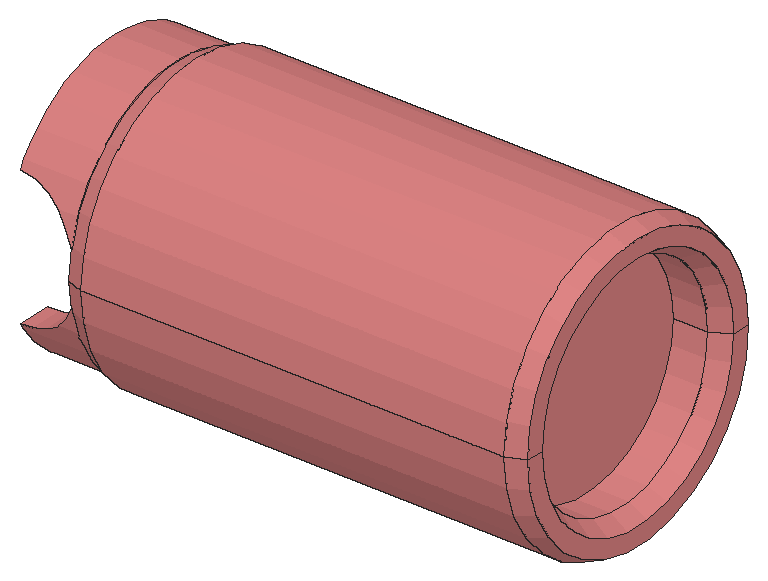
Revit family "spud_threaded_001", category Pipe Fittings, Revit 2024
Family settings
  Round Connector Dimension = Use Diameter
  Part Type = Spud - Adjustable
  Work Plane-Based = No
  Always vertical = Yes
  Cut with Voids When Loaded = No
  Shared = No
Parameters (values of type "Standard")
  xx [instance] = AT2 + 1 mm  # 32.15 mm
  Y1 [instance] = 5 mm  # constant formula
  W3 [instance] = Thickness * 0.2  # 2 mm
  W2 [instance] = Thickness * 0.5  # 5 mm
  W1 [instance] = 0.3 * Thickness  # 3 mm
  Thickness [instance] = 10 mm
  built-in parameter 1114214 [instance] = A * 0.3  # 18.09 mm
  built-in parameter 1114213 [instance] = NominalSizeM * 0.5  # 0.082021 (stored number, unit not read)
  OuterRad1 [instance] = OuterRad * 0.95  # 39.093 mm
  OuterRad [instance] = AT2 + Thickness  # 41.15 mm
  NominalSizeM [instance] = 50 mm
  Material [instance] = Spud_Groved
  MP [instance] = 150 mm  # constant formula
  M [instance] = size_lookup(Lookup Table Name, "ML", 10 mm, NominalSizeM, MP)  # 15 mm
  Lookup Table Name [instance] = "treadSpud"
  Default Elevation = 0 mm
  B [instance] = size_lookup(Lookup Table Name, "B", 10 mm, NominalSizeM, MP)  # 130 mm
  Author = "TrimCAD"  # constant formula
  AT2 [instance] = A * 0.5 + 1 mm  # 31.15 mm
  A [instance] = size_lookup(Lookup Table Name, "A", 10 mm, NominalSizeM, MP)  # 60.3 mm
Types (2): name
  Standard
  spud_threaded_001
Reference planes
  plane 1 "Center (Front/Back)": y = 0
  plane 2: z = 0
  plane 3 "Center (Left/Right)": x = 0
  plane 4: x = 130
  plane 5: x = 115
  plane 6: x = -18.09
  plane 7: y = 41.15
  plane 8: y = 39.15
  plane 9: y = 34.15
  plane 10: y = 31.15
  plane 11: x = 125
  plane 12: x = 5
  plane 13: y = 39.093
  plane 14: y = -1000
Forms (mm)
  Revolve 1, solid, material "Spud_Groved" <- "Material", detail levels medium+fine
    sketch origin (0, 0, 0) x (1, 0, 0) y (0, 1, 0)
      loop
        line (0, 31.15) -> (125, 31.15) -> (130, 34.15) -> (130, 39.15) -> (125, 41.15) -> (5, 41.15) -> (0, 39.15) -> (0, 34.15) -> (0, 31.15)
      axis (0, 0) -> (130, 0)
    angle from 0 to 360
  Extrusion 2, solid, material "Spud_Groved" <- "Material", detail levels medium+fine
    sketch origin (0, 0, 0) x (0, 1, 0) y (0, 0, 1)
      loop
        circle (0, 0) r 31.15
    from 0 to 115
  Sweep 3, solid, material "Spud_Groved" <- "Material", detail levels medium+fine
    path origin (0, 0, 0) x (1, 0, 0) y (0, 1, 0)
      loop
        line (0, 0) -> (-18.09, 0)
    profile origin (-9.045, 0, 0) x (0, -1, 0) y (0, 0, 1)
      loop
        circle (0, 0) r 39.093
      loop
        circle (0, 0) r 31.15
  Extrusion 4, void
    sketch origin (-2046.176, -1000, 1200) x (1, 0, 0) y (0, 0, 1)
      loop
        circle (2028.086, -1200) r 19.546
    from -2925.554 to 1000
Cuts and joins
  Extrusion 4 cuts Sweep 3
Dimensions and locks
  "B": plane 3 "Center (Left/Right)" to plane 4
  "M": plane 5 to plane 4
  "built-in parameter 1114214": plane 6 to plane 3 "Center (Left/Right)"
  "AT2": plane 1 "Center (Front/Back)" to plane 10
  "W1": plane 9 to plane 10
  "W2": plane 8 to plane 9
  "Y1": plane 11 to plane 4
  "W3": plane 7 to plane 8
  "W2": plane 3 "Center (Left/Right)" to plane 12
  "OuterRad1": plane 13 to plane 1 "Center (Front/Back)"
  locked: plane 14 to plane 1 "Center (Front/Back)" at 1000
  "AT2": radius of Extrusion 2 sketch curve
  "OuterRad1": radius of Sweep 3 sketch curve
  "AT2": radius of Sweep 3 sketch curve
  "OuterRad1": diameter of Extrusion 4 sketch curve
  aligned and locked: level to plane 2
  aligned and locked: plane 3 "Center (Left/Right)" to Revolve 1 sketch curve  (x2)
  aligned and locked: plane 1 "Center (Front/Back)" to Revolve 1 sketch curve
  aligned and locked: plane 7 to Revolve 1 sketch curve  (x2)
  aligned and locked: Revolve 1 sketch curve to plane 10
  aligned and locked: plane 11 to Revolve 1 sketch curve  (x2)
  aligned and locked: plane 4 to Revolve 1 sketch curve  (x2)
  aligned and locked: Revolve 1 to plane 3 "Center (Left/Right)"
  aligned and locked: Revolve 1 to plane 4
  aligned and locked: plane 1 "Center (Front/Back)" to Extrusion 2 sketch curve
  aligned and locked: level to Extrusion 2 sketch curve
  aligned and locked: plane 5 to Extrusion 2
  aligned and locked: Extrusion 2 to plane 3 "Center (Left/Right)"
  aligned and locked: Sweep 3 sketch curve to plane 1 "Center (Front/Back)"
  aligned and locked: plane 6 to Sweep 3 sketch curve
  aligned and locked: plane 3 "Center (Left/Right)" to Sweep 3 sketch curve
  aligned and locked: plane 1 "Center (Front/Back)" to Sweep 3 sketch curve
  aligned and locked: level to Sweep 3 sketch curve
  aligned and locked: profile plane to plane 1 "Center (Front/Back)"
  aligned and locked: profile plane to level
  aligned and locked: plane 12 to Revolve 1 sketch curve
  aligned and locked: plane 9 to Revolve 1 sketch curve
  aligned and locked: cut or joined group of Sweep 3, Extrusion 4 to Revolve 1 sketch curve
Automatic sketch dimensions
  Revolve 1 sketch curve to plane 9 = 0 mm
  Revolve 1 sketch curve to plane 8 = 0 mm  (x2)
  plane 4 to Revolve 1 sketch curve = 30 mm
  Sweep 3 sketch curve to Sweep 3 sketch curve = 0 mm  (x2)
  Extrusion 4 sketch curve to level = 0 mm
  Extrusion 4 sketch curve to plane 6 = 0 mm
Connectors
  piping at (115, 0, 0), diameter 50, driven by "NominalSizeM"
    settings: on Extrusion 2, index 1, connector inside diameter 609.6 mm, connector length 0 mm, flow factor 0, pipe flow 0.0 L/s, pressure drop 0.0 Pa, fitting loss kfactor 0, connector angle 0.00°, fixture units 0, engagement length 0 mm, angle of deflection 0.00°, flow configuration 0, flow direction 0, fitting loss method 0, system type 28, joint type 0, gender type 0, connector reference index 2, connector utility 0, adjustable connector no, is connector primary no, connector description ""
  piping at (0, 0, 0), diameter 50, driven by "NominalSizeM"
    settings: on Extrusion 2, index 2, connector inside diameter 609.6 mm, connector length 0 mm, flow factor 0, pipe flow 0.0 L/s, pressure drop 0.0 Pa, fitting loss kfactor 0, connector angle 0.00°, fixture units 0, engagement length 0 mm, angle of deflection 0.00°, flow configuration 0, flow direction 0, fitting loss method 0, system type 28, joint type 0, gender type 0, connector reference index 1, connector utility 0, adjustable connector no, is connector primary yes, connector description ""
